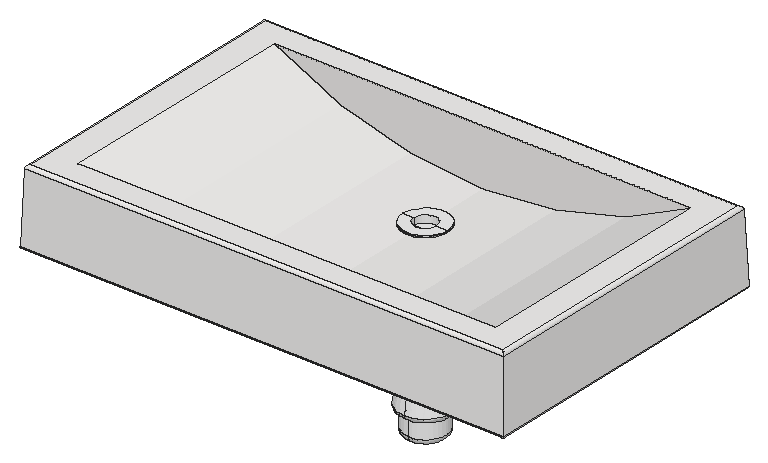
Revit family "ok-Incepa_Ocean_Cuba de Apoio Gran Pacific_63274", category Plumbing Fixtures, Revit 2014
Parameters (values of type "01 - Branco")
  WFU = 2
  Type Comments = ""
  Raio Ponto de Esgoto = 20 mm
  Place on face [instance] = no
  Outros Complementos [instance] = "Sifão para lavatório 1\"x1.1⁄2\" com tubo de 300 mm (B5816C5CRB) + Válvula de escoamento para lavatório, 1\" sem ladrão com tampa plástica (B5828C5CR3), linha Complementos - Metais Celite"
  Louças [instance] = Incepa - Louça_Branca
  Incepa: Versão = "Autodesk Revit MEP 2014"  # constant formula
  Incepa: Vazão de Esgoto [instance] = 0.0 L/s
  Incepa: Tipo = "Cubas"  # constant formula
  Incepa: Produto = "Louças"  # constant formula
  Incepa: Norma = "ABNT NBR 15097-1: 2011 - Requisitos e métodos de ensaio"
  Incepa: Link do Produto = "http://www.banheirosincepa.com.br/pt/produtos/435/"
  Incepa: Linha = "Ocean"  # constant formula
  Incepa: Informações Técnicas [instance] = "N/A"
  Incepa: Informações Gerais [instance] = "N/A"
  Incepa: Fabricante = "Incepa"  # constant formula
  Incepa: Desenho Técnico = "N/A"
  Incepa: Descrição = "Cuba de apoio Gran Pacific cor branca (63274), 650 x 410 mm, linha Ocean - Louças Incepa"
  Incepa: Código = "63274"
  Incepa: Cores Disponíveis = "Branco"
  Incepa: Copyright © = "© 2015 Incepa"  # constant formula
  Incepa: Complementos [instance] = if(Complemento, Outros Complementos, "N/A")  # "Sifão para lavatório 1\"x1.1⁄2\" com tubo de 300 mm (B5816C5CRB) + Válvula de escoamento para lavatório, 1\" sem ladrão com tampa plástica (B5828C5CR3), linha Complementos - Metais Celite"
  Incepa: Categoria = "Cubas e Lavatórios"  # constant formula
  Incepa: Altura da torneira [instance] = Elevação somente no plano  # 662 mm
  Incepa: Altura da Peça [instance] = Elevação somente no plano  # 662 mm
  Incepa: Altura Ponto de Esgoto [instance] = Altura Ponto de Esgoto  # 500 mm
  Desnível Aux. Ponto de Esgoto [instance] = 100 mm
  HWFU = 0
  Diâmetro Ponto de Esgoto = Raio Ponto de Esgoto * 2  # 40 mm
  Distância Parede/Face [instance] = 0 mm
  Tipo de Sifão [instance] = Celite_Complementos_Sifão de Uso Geral : Sifão para lavatório - B5816C5CRB
  Complemento [instance] = yes
  URL = "http://www.banheirosincepa.com.br/pt"
  Selo de Qualidade ofcdesk = "Standard"  # constant formula
  Model = Incepa: Código  # "63274"
  Metais [instance] = Celite - Cromado
  Manufacturer = Incepa: Fabricante  # "Incepa"
  Elevação somente no plano [instance] = 662 mm
  Description = Incepa: Descrição  # "Cuba de apoio Gran Pacific cor branca (63274), 650 x 410 mm, linha Ocean - Louças Incepa"
  Default Elevation = 0 mm
  Desenvolvido por = "ofcdesk"  # constant formula
  Com Válvula (quantificável) [instance] = yes
  Com Sifão (quantificável) [instance] = yes
  CWFU = 0
  Assembly Code = "D2010400"
  Desnível Ponto de Esgoto [instance] = if(not(Place on face), Elevação somente no plano - Altura Ponto de Esgoto, Desnível Aux. Ponto de Esgoto)  # 162 mm
  Altura Ponto de Esgoto [instance] = 500 mm
Reference planes
  plane 1 "Center (Front/Back)": y = 0
  plane 2: z = 0
  plane 3 "Center (Left/Right)": x = 0
  plane 4: z = 662
  plane 5: z = 500
  plane 6: y = -65
  plane 7: y = 0
  plane 8: z = 624.793
  plane 9: y = -136.034
  plane 10: z = 616.5
  plane 11: z = 687
Dimensions and locks
  "Elevação somente no plano": plane 4 to plane 2
  "Desnível Ponto de Esgoto": plane 4 to plane 5
  plane 11 to plane 4 to plane 8 = 25 mm locked, 37.207 mm locked
  plane 7 to plane 6 to plane 9 = 65 mm locked, 71.034 mm locked
  "Distância Parede/Face": plane 1 "Center (Front/Back)" to plane 7
  locked: plane 8 to plane 10 at 8.293
  aligned and locked: level to plane 2
  aligned and locked: plane 1 "Center (Front/Back)" to nested 3
  aligned and locked: plane 5 to nested 3
  aligned and locked: plane 8 to nested 3
  aligned and locked: plane 9 to nested 3
  aligned and locked: nested 2 to plane 9
  aligned and locked: plane 3 "Center (Left/Right)" to nested 2
  aligned and locked: nested 1 to plane 7
Nested families
  nested 1: "63274" at (0, 0, 662), Louças <- "Louças", type "63274"
  nested 2: "Celite_Complementos_Válvula de Escoamento" at (0, -136.034, 687), Metais <- "Metais", visible <- "Com Válvula (quantificável)", type "Válvula de escoamento para lavatório - B5828C5CR3"
    with Raio2 30 mm, Raio1 16 mm, Raio furo 15 mm, Metais Celite - Cromado, L/Rosca 54.856 mm, Comprimento 70.5 mm, Celite: Norma "ABNT NBR 15423:2006 - Requisitos e métodos de ensaio"
  nested 3: "Celite_Complementos_Sifão de Uso Geral" at (0, 0, 500), visible <- "Com Sifão (quantificável)", Metais <- "Metais", Celite: Vazão de Projeto <- "Incepa: Vazão de Esgoto", type "Sifão para lavatório - B5816C5CRB"
    with Raio1 16 mm, Metais Celite - Cromado, Elevação 0 mm, Celite: Vazão de Projeto 0.0 L/s, Celite: Informações Técnicas "N/A", Celite: Informações Gerais "N/A", Celite: Altura da Peça 0 mm, Ajuste Vetical no Lavatório 124.793 mm, Afastamento da Parede 136.034 mm
Connectors
  piping at (0, -14.131, 500), diameter 40, driven by "Raio Ponto de Esgoto", driven by "Incepa: Vazão de Esgoto", driven by "WFU"
    settings: on nested 3, index 1, connector inside diameter 609.6 mm, connector length 0 mm, flow factor 0, pipe flow 0.0 L/s, pressure drop 0.0 kPa, fitting loss kfactor 0, connector angle 0.00°, fixture units 2, engagement length 0 mm, angle of deflection 0.00°, flow configuration 3, flow direction 2, fitting loss method 0, system type 16, joint type 0, gender type 0, connector reference index -1, connector utility 0, adjustable connector no, is connector primary yes, connector description ""
Definition of nested family "63274"
  Parameters (values of type "63274")
    WFU = 0
    Type Comments = ""
    Profundidade = 410 mm
    Largura = 650 mm
    HWFU = 0
    URL = "http://www.incepa.com.br"
    Selo de Qualidade ofcdesk = "Standard"  # constant formula
    Model = ""
    Manufacturer = "Incepa"
    Louças [instance] = Incepa - Louça_Branca
    Description = ""
    Default Elevation = 0 mm
    Desenvolvido por = "ofcdesk"  # constant formula
    CWFU = 0
    Assembly Code = ""
  Reference planes
    plane 1 "Back": y = 0
    plane 2: z = 0
    plane 3 "Center (Left/Right)": x = 0
    plane 4 "Top": z = 100
    plane 5: y = -410
    plane 6: x = -325
    plane 7: x = 325
    plane 8: y = -136.034
  Forms (mm)
    Sweep 1, solid, material "Incepa - Louça_Branca" <- "Louças"
      path origin (0, 0, 0) x (1, 0, 0) y (0, 1, 0)
        loop
          line (-325, 0) -> (-325, -410) -> (325, -410) -> (325, 0) -> (-325, 0)
      profile origin (-325, -205, 0) x (1, 0, 0) y (0, 0, 1)
        loop
          line (1.966, 0) -> (30, 0) -> (30, 100) -> (8.248, 100)
          arc (8.248, 100) -> (4.774, 98.595) -> (3.251, 95.171) r 5
          line (3.251, 95.171) -> (0.067, 1.965)
          arc (0.067, 1.965) -> (0.6, 0.58) -> (1.966, 0) r 1.9
    Extrusion 2, solid, material "Incepa - Louça_Branca" <- "Louças"
      sketch origin (0, 0, 0) x (1, 0, 0) y (0, 1, 0)
        loop
          line (-295, -380) -> (295, -380) -> (295, -30) -> (-295, -30) -> (-295, -380)
      from 0 to 100
    Extrusion 3, void
      sketch origin (0, 0, 0) x (1, 0, 0) y (0, 0, 1)
        loop
          arc (-325, 129.681) -> (-0.191, 23.874) -> (325, 128.503) r 554.542
          line (325, 128.503) -> (325, 170) -> (-325, 170) -> (-325, 129.681)
      from 40.016 to 369.845
    Revolve 4, void
      sketch origin (0, 0, 0) x (0, 1, 0) y (0, 0, 1)
        loop
          line (-157.211, 14.057) -> (-157.211, -3.756) -> (-136.034, -3.756) -> (-136.034, 38.203) -> (-181.358, 38.203) -> (-157.211, 14.057)
        axis (-136.034, -3.756) -> (-136.034, 38.203)
      angle from 0 to 360
  Cuts and joins
    Extrusion 3, Revolve 4 cuts Sweep 1
    Extrusion 3, Revolve 4 cuts Extrusion 2
    joined: Sweep 1, Extrusion 2
  Dimensions and locks
    plane 4 "Top" to plane 2 = 100 mm  (x2)
    "Largura": plane 6 to plane 7
    "Profundidade": plane 5 to plane 1 "Back"
    equal spacing: plane 6, plane 3 "Center (Left/Right)", plane 7
    plane 1 "Back" to Revolve 4 sketch curve to Revolve 4 sketch curve to Revolve 4 sketch curve = 136.034 mm locked, 21.178 mm locked, 24.146 mm locked
    Extrusion 3 sketch curve to Extrusion 3 sketch curve to Extrusion 3 sketch curve to Extrusion 3 sketch curve to plane 2 = 40.319 mm locked, 1.178 mm locked, 104.63 mm locked, 23.873 mm locked
    aligned and locked: plane 2 to level
    aligned and locked: Sweep 1 sketch curve to plane 6
    aligned and locked: Sweep 1 sketch curve to plane 7
    aligned and locked: Sweep 1 sketch curve to plane 1 "Back"
    aligned and locked: Sweep 1 sketch curve to plane 5
    aligned and locked: Extrusion 2 sketch curve to Sweep 1  (x4)
    aligned and locked: plane 4 "Top" to Extrusion 2
    aligned and locked: plane 6 to Extrusion 3 sketch curve
    aligned and locked: Extrusion 3 sketch curve to plane 7
  Automatic sketch dimensions
    Sweep 1 sketch curve to level = 0 mm
    Sweep 1 sketch curve to profile plane = 0.067 mm
    Sweep 1 sketch curve to Sweep 1 sketch curve = 1.899 mm
    Sweep 1 sketch curve to profile plane = 3.251 mm
    Sweep 1 sketch curve to Sweep 1 sketch curve = 4.997 mm
    level to Sweep 1 sketch curve = 1.9 mm
    Sweep 1 sketch curve to Sweep 1 sketch curve = 93.1 mm
    Sweep 1 sketch curve to Sweep 1 sketch curve = 0.171 mm
    Sweep 1 sketch curve to Sweep 1 sketch curve = 28.034 mm
    level to Revolve 4 sketch curve = 38.203 mm
    level to Revolve 4 sketch curve = 14.057 mm
    Revolve 4 sketch curve to level = 3.756 mm
    Revolve 4 sketch curve to Revolve 4 sketch curve = 0 mm  (x2)
    Revolve 4 sketch curve to Revolve 4 sketch curve = 18.011 mm
Definition of nested family "Celite_Complementos_Válvula de Escoamento"
  Parameters (values of type "Válvula de escoamento para lavatório - B5828C5CR3")
    Waste Connection = 1 = 0  # no
    WFU = 0  # constant formula
    Vent Connection = 1 = 0  # no
    URL = "http://www.celite.com.br"
    Selo de Qualidade ofcdesk = "Standard"  # constant formula
    Raio1 [instance] = 16 mm
    Raio2 [instance] = 30 mm
    Raio furo [instance] = 15 mm
    Model = Celite: Código  # "B5828C5CR3"
    Metais [instance] = Celite - Cromado
    Manufacturer = Celite: Fabricante  # "Celite"
    L/Rosca [instance] = 59.5 mm
    HWFU = 0  # constant formula
    HW Connection = 1 = 0  # no
    Desenvolvido por = "ofcdesk"  # constant formula
    Description = Celite: Descrição  # "Válvula de escoamento para lavatório, 1\" sem ladrão com tampa plástica (B5828C5CR3), Complementos - Metais Celite"
    Default Elevation = 0 mm
    Comprimento [instance] = 70.5 mm
    Celite: Versão = "Autodesk Revit MEP 2014"  # constant formula
    Celite: Tipo = "Válvulas de escoamento"  # constant formula
    Celite: Produto = "Metais"  # constant formula
    Celite: Norma [instance] = "ABNT NBR 15423:2006 - Requisitos e métodos de ensaio"
    Celite: Link do Produto = "http://www.celite.com.br/pt/produtos/categoria/2/tipo/10/subtipo/19/"
    Celite: Linha = "Válvulas"  # constant formula
    Celite: Informações Técnicas = "N/A"
    Celite: Informações Gerais = "N/A"
    Celite: Fabricante = "Celite"  # constant formula
    Celite: Desenho Técnico = "http://www.celite.com.br/media/uploads/desenhos_tecnicos/A5828C5CR3_Valvula_de_escoamento_Lavatorio.pdf"
    Celite: Descrição = "Válvula de escoamento para lavatório, 1\" sem ladrão com tampa plástica (B5828C5CR3), Complementos - Metais Celite"
    Celite: Código = "B5828C5CR3"
    Celite: Cores Disponíveis = "Cromado"
    Celite: Copyright © = "© 2014 Celite"  # constant formula
    Celite: Categoria = "Complementos"  # constant formula
    CW Connection = 1 = 0  # no
    Assembly Code = "D2010"
  Types (5, lengths in mm): name | Raio1 | Raio2 | Raio furo | Model | L/Rosca | Description | Comprimento | Celite: Desenho Técnico | Celite: Descrição | Celite: Código
    (no name) | 16 | 30 | 15 | "B5828C5CR3" | 59.5 | "Válvula de escoamento para lavatório, 1\" sem ladrão com tampa plástica (B5828C5CR3), Complementos - Metais Celite" | 70.5 | "http://www.celite.com.br/media/uploads/desenhos_tecnicos/A5828C5CR3_Valvula_de_escoamento_Lavatorio.pdf" | "Válvula de escoamento para lavatório, 1\" sem ladrão com tampa plástica (B5828C5CR3), Complementos - Metais Celite" | "B5828C5CR3"
    Válvula de escoamento para lavatório - B5828C5CR3 | 16 | 30 | 15 | "B5828C5CR3" | 59.5 | "Válvula de escoamento para lavatório, 1\" sem ladrão com tampa plástica (B5828C5CR3), Complementos - Metais Celite" | 70.5 | "http://www.celite.com.br/media/uploads/desenhos_tecnicos/A5828C5CR3_Valvula_de_escoamento_Lavatorio.pdf" | "Válvula de escoamento para lavatório, 1\" sem ladrão com tampa plástica (B5828C5CR3), Complementos - Metais Celite" | "B5828C5CR3"
    Válvula de escoamento para tanque - B5829C5CR3 | 20 | 32.8 | 18 | "B5829C5CR3" | 57 | "Válvula de escoamento para tanque (B5829C5CR3), Complementos - Metais Celite" | 65.5 | "http://www.celite.com.br/media/uploads/desenhos_tecnicos/A5829C5CR3_Valvula_de_escoamento_Tanque.pdf" | "Válvula de escoamento para tanque (B5829C5CR3), Complementos - Metais Celite" | "B5829C5CR3"
    Válvula de escoamento para cozinha - B5830C5CRB | 25 | 44 | 25 | "B5830C5CRB" | 35 | "Válvula de escoamento para cozinha, 3.1/2\" x 1.1/2\" com cesta metal (B5830C5CRB), Complementos - Metais Celite" | 45 | "http://www.celite.com.br/media/uploads/desenhos_tecnicos/A5830C5CRB_Valvula_de_escoamento_Cozinha_3-1.2.pdf" | "Válvula de escoamento para cozinha, 3.1/2\" x 1.1/2\" com cesta metal (B5830C5CRB), Complementos - Metais Celite" | "B5830C5CRB"
    Válvula de escoamento para cozinha - B5831C5CRB | 25 | 56.5 | 30 | "B5831C5CRB" | 35 | "Válvula de escoamento para cozinha, 4.1/2\" x 1.1/2\" com cesta metal (B5831C5CRB), Complementos - Metais Celite" | 49 | "http://www.celite.com.br/media/uploads/desenhos_tecnicos/A5831C5CRB_Valvula_de_escoamento_Cozinha_4-1.2.pdf" | "Válvula de escoamento para cozinha, 4.1/2\" x 1.1/2\" com cesta metal (B5831C5CRB), Complementos - Metais Celite" | "B5831C5CRB"
  Reference planes
    plane 1 "Center (Front/Back)": y = 0
    plane 2: z = 0
    plane 3 "Center (Left/Right)": x = 0
    plane 4: z = -70.5
    plane 5: z = -11
  Forms (mm)
    Extrusion 1, solid
      sketch origin (0, 0, 0) x (1, 0, 0) y (0, 1, 0)
        loop
          line (-400, 400) -> (-400, -400.224) -> (399.59, -400.224) -> (399.59, 400) -> (-400, 400)
      from 0 to -304.8
    Revolve 2, solid, material "Celite - Cromado" <- "Metais"
      sketch origin (0, 0, 0) x (1, 0, 0) y (0, 0, 1)
        loop
          line (0, -8.185) -> (-15, -8.185) -> (-15, 1) -> (-30, 1) -> (-30, 0) -> (-16, -11) -> (-16, -70.5) -> (0, -70.5) -> (0, -8.185)
        axis (0, 1) -> (0, -70.5)
      angle from 0 to 360
  Dimensions and locks
    "Comprimento": level to plane 4
    "L/Rosca": plane 5 to plane 4
    "Raio1": plane 3 "Center (Left/Right)" to Revolve 2 sketch curve
    "Raio2": plane 3 "Center (Left/Right)" to Revolve 2 sketch curve
    locked: plane 2 to Revolve 2 sketch curve at 8.185
    "Raio furo": plane 3 "Center (Left/Right)" to Revolve 2 sketch curve
    aligned and locked: plane 2 to Extrusion 1
    aligned and locked: level to Extrusion 1
    aligned and locked: Revolve 2 sketch curve to plane 3 "Center (Left/Right)"  (x2)
    aligned and locked: plane 5 to Revolve 2 sketch curve
    aligned and locked: plane 4 to Revolve 2 sketch curve
    aligned and locked: level to Revolve 2 sketch curve
  Automatic sketch dimensions
    Extrusion 1 sketch curve to Extrusion 1 sketch curve = 799.59 mm
    Extrusion 1 sketch curve to Extrusion 1 sketch curve = 800.224 mm
    Revolve 2 sketch curve to Revolve 2 sketch curve = 1 mm
    level to Revolve 2 sketch curve = 25 mm
    Revolve 2 sketch curve to Revolve 2 sketch curve = 60 mm
Definition of nested family "Celite_Complementos_Sifão de Uso Geral"
  Parameters (values of type "Sifão para cozinha - B5817C5CRB")
    WFU = 2
    URL = "http://www.celite.com.br"
    Selo de Qualidade ofcdesk = "Standard"  # constant formula
    Raio1 [instance] = 16 mm
    Raio Ponto de Esgoto = 20 mm
    Model = Celite: Código  # "B5817C5CRB"
    Metais [instance] = Celite - Cromado
    Manufacturer = Celite: Fabricante  # "Celite"
    Elevação [instance] = 680 mm
    Diâmetro Ponto de Esgoto = Raio Ponto de Esgoto * 2  # 40 mm
    Desenvolvido por = "ofcdesk"  # constant formula
    Description = Celite: Descrição  # "Sifão para cozinha 1.1⁄2”x 1.1⁄2” com tubo de 300 mm (B5817C5CRB), linha Complementos - Metais Celite"
    Default Elevation = 0 mm
    Celite: Versão = "Autodesk Revit MEP 2014"  # constant formula
    Celite: Vazão de Projeto [instance] = 0.0 L/s
    Celite: Tipo = "Sifões"  # constant formula
    Celite: Produto = "Metais"  # constant formula
    Celite: Norma = "ABNT NBR 14162:2011 - Requisitos e métodos de ensaio"
    Celite: Link do Produto = "http://www.celite.com.br/pt/produtos/categoria/2/tipo/10/subtipo/9/"
    Celite: Linha = "Complementos"  # constant formula
    Celite: Informações Técnicas [instance] = "N/A"
    Celite: Informações Gerais [instance] = "N/A"
    Celite: Fabricante = "Celite"  # constant formula
    Celite: Desenho Técnico = "http://www.celite.com.br/media/uploads/desenhos_tecnicos/A5817C5CRB.gif"
    Celite: Descrição = "Sifão para cozinha 1.1⁄2”x 1.1⁄2” com tubo de 300 mm (B5817C5CRB), linha Complementos - Metais Celite"
    Celite: Código = "B5817C5CRB"
    Celite: Cores Disponíveis = "Cromado"
    Celite: Copyright © = "© 2014 Celite"  # constant formula
    Celite: Categoria = "Cozinhas e Lavatórios"  # constant formula
    Celite: Altura da Peça [instance] = Elevação  # 680 mm
    Assembly Code = "D2010"
    Ajuste Vetical no Lavatório [instance] = 100 mm
    Afastamento da Parede [instance] = 300 mm
  Types (6, lengths in mm): name | Raio Ponto de Esgoto | Model | Diâmetro Ponto de Esgoto | Description | Celite: Desenho Técnico | Celite: Descrição | Celite: Código
    (no name) | 20 | "B5817C5CRB" | 40 | "Sifão para cozinha 1.1⁄2”x 1.1⁄2” com tubo de 300 mm (B5817C5CRB), linha Complementos - Metais Celite" | "http://www.celite.com.br/media/uploads/desenhos_tecnicos/A5817C5CRB.gif" | "Sifão para cozinha 1.1⁄2”x 1.1⁄2” com tubo de 300 mm (B5817C5CRB), linha Complementos - Metais Celite" | "B5817C5CRB"
    Sifão para lavatório - B5816C5CRB | 20 | "B5816C5CRB" | 40 | "Sifão para lavatório 1\"x1.1⁄2\" com tubo de 300 mm (B5816C5CRB), linha Complementos - Metais Celite" | "http://www.celite.com.br/media/uploads/desenhos_tecnicos/A5816C5CRB.gif" | "Sifão para lavatório 1\"x1.1⁄2\" com tubo de 300 mm (B5816C5CRB), linha Complementos - Metais Celite" | "B5816C5CRB"
    Sifão para tanque com adaptador para 2" - B5005C5CRB | 30 | "B5005C5CRB" | 60 | "Sifão para tanque 1.1⁄4”x 1.1⁄2” com adaptador para 2” e tubo de 200 mm (B5005C5CRB), linha Complementos - Metais Celite" | "http://www.celite.com.br/media/uploads/desenhos_tecnicos/A5005C5CRB.gif" | "Sifão para tanque 1.1⁄4”x 1.1⁄2” com adaptador para 2” e tubo de 200 mm (B5005C5CRB), linha Complementos - Metais Celite" | "B5005C5CRB"
    Sifão para tanque - B5005C5CRB | 20 | "B5005C5CRB" | 40 | "Sifão para tanque 1.1⁄4”x 1.1⁄2” e tubo de 200 mm (B5005C5CRB), linha Complementos - Metais Celite" | "http://www.celite.com.br/media/uploads/desenhos_tecnicos/A5005C5CRB.gif" | "Sifão para tanque 1.1⁄4”x 1.1⁄2” e tubo de 200 mm (B5005C5CRB), linha Complementos - Metais Celite" | "B5005C5CRB"
    Sifão para cozinha com adaptador para 2" - B5817C5CRB | 30 | "B5817C5CRB" | 60 | "Sifão para cozinha 1.1⁄2”x 1.1⁄2” com adaptador para 2” e tubo de 300 mm (B5817C5CRB), linha Complementos - Metais Celite" | "http://www.celite.com.br/media/uploads/desenhos_tecnicos/A5817C5CRB.gif" | "Sifão para cozinha 1.1⁄2”x 1.1⁄2” com adaptador para 2” e tubo de 300 mm (B5817C5CRB), linha Complementos - Metais Celite" | "B5817C5CRB"
    Sifão para cozinha - B5817C5CRB | 20 | "B5817C5CRB" | 40 | "Sifão para cozinha 1.1⁄2”x 1.1⁄2” com tubo de 300 mm (B5817C5CRB), linha Complementos - Metais Celite" | "http://www.celite.com.br/media/uploads/desenhos_tecnicos/A5817C5CRB.gif" | "Sifão para cozinha 1.1⁄2”x 1.1⁄2” com tubo de 300 mm (B5817C5CRB), linha Complementos - Metais Celite" | "B5817C5CRB"
  Reference planes
    plane 1 "Center (Front/Back)": y = 0
    plane 2: z = 0
    plane 3 "Center (Left/Right)": x = 0
    plane 4: y = -300
    plane 5: z = 780
    plane 6: z = 680
  Forms (mm)
    Sweep 1, solid, material "Celite - Cromado" <- "Metais"
      path origin (0, 1442.421, 680) x (0, 1, 0) y (-1, 0, 0)
        loop
          line (-1442.421, 0) -> (-1697.421, 0)
      profile origin (0, -127.5, 680) x (1, 0, 0) y (0, 0, 1)
        loop
          circle (0, 0) r 19.05
        loop
          circle (0, 0) r 16
    Revolve 2, solid, material "Celite - Cromado" <- "Metais"
      sketch origin (0, 0, 0) x (0, 1, 0) y (0, 0, 1)
        loop
          line (-255, 680) -> (-255, 701.589)
          arc (-255, 701.589) -> (-256.067, 704.702) -> (-258.821, 706.505) r 5.073
          arc (-258.821, 706.505) -> (-261.574, 706.108) -> (-263.24, 703.88) r 3.635
          line (-263.24, 703.88) -> (-265.857, 703.88) -> (-265.857, 680) -> (-255, 680)
        axis (-265.857, 680) -> (-255, 680)
      angle from 0 to 360
    SweptBlend 3, solid, material "Celite - Cromado" <- "Metais"
      path origin (0, 0, 0) x (0, 1, 0) y (0, 0, 1)
        loop
          line (-265.857, 680) -> (-300, 680)
      profile origin (0, -265.857, 680) x (0, 0, -1) y (1, 0, 0)
        loop
          circle (0, 0) r 22.486
      end profile origin (0, -300, 680) x (0, 0, -1) y (1, 0, 0)
        loop
          circle (0, 0) r 21.589
    Revolve 4, solid, material "Celite - Cromado" <- "Metais"
      sketch origin (0, 0, 0) x (0, 1, 0) y (0, 0, 1)
        loop
          line (-300, 704.157) -> (-274.606, 704.157) -> (-274.606, 707.127)
          arc (-274.606, 707.127) -> (-274.901, 707.84) -> (-275.614, 708.135) r 1.008
          line (-275.614, 708.135) -> (-282.5, 708.135) -> (-283.521, 709.156) -> (-300, 709.156) -> (-300, 704.157)
        axis (-300, 709.156) -> (-300, 704.157)
      angle from 0 to 360
    Sweep 5, solid, material "Celite - Cromado" <- "Metais"
      path origin (0, 0, 0) x (0, 1, 0) y (0, 0, 1)
        loop
          line (-300, 709.156) -> (-300, 715.122)
      profile origin (0, -300, 712.139) x (0, -1, 0) y (1, 0, 0)
        loop
          circle (0, 0) r 16.479
    Sweep 6, solid, material "Celite - Cromado" <- "Metais"
      path origin (0, 0, 0) x (0, 1, 0) y (0, 0, 1)
        loop
          line (-300, 715.122) -> (-300, 769.613)
      profile origin (0, -300, 742.368) x (0, -1, 0) y (1, 0, 0)
        loop
          circle (0, 0) r 13
    Revolve 7, solid, material "Celite - Cromado" <- "Metais"
      sketch origin (0, 0, 0) x (0, 1, 0) y (0, 0, 1)
        loop
          line (0, 699.07) -> (0, 714.571)
          arc (0, 714.571) -> (-7.459, 714.035) -> (-14.888, 713.172) r 170.27
          arc (-14.888, 713.172) -> (-16.254, 712.452) -> (-16.959, 711.077) r 2.565
          line (-16.959, 711.077) -> (-16.959, 699.07) -> (0, 699.07)
        axis (-16.959, 680) -> (0, 680)
      angle from 0 to 360
    Sweep 8, void
      path origin (0, 1442.421, 680) x (0, 1, 0) y (-1, 0, 0)
        loop
          line (-1440.976, 0) -> (-1456.552, 0)
      profile origin (0, -6.343, 680) x (1, 0, 0) y (0, 0, 1)
        loop
          circle (0, 0) r 30
    Revolve 9, solid, material "Celite - Cromado" <- "Metais"
      sketch origin (0, 0, 0) x (0, 1, 0) y (0, 0, 1)
        loop
          line (-300, 771.707) -> (-300, 769.613) -> (-281.111, 769.613) -> (-281.111, 780) -> (-284, 780) -> (-284, 771.707) -> (-300, 771.707)
        axis (-300, 780) -> (-300, 769.613)
      angle from 0 to 360
    Revolve 10, solid, material "Celite - Cromado" <- "Metais"
      sketch origin (0, 0, 0) x (0, 1, 0) y (0, 0, 1)
        loop
          line (-300, 704.157) -> (-325.394, 704.157) -> (-334.85, 649.952)
          arc (-334.85, 649.952) -> (-333.712, 646.324) -> (-330.244, 644.765) r 4.638
          line (-330.244, 644.765) -> (-328.223, 644.765) -> (-328.223, 621.563)
          arc (-328.223, 621.563) -> (-326.054, 616.326) -> (-320.818, 614.157) r 7.405
          line (-320.818, 614.157) -> (-300, 614.157) -> (-300, 704.157)
        axis (-300, 704.157) -> (-300, 614.157)
      angle from 0 to 360
  Cuts and joins
    Sweep 8 cuts Sweep 1
    joined: Sweep 1, Revolve 2, SweptBlend 3, Revolve 4, Sweep 5, Sweep 6, Revolve 9, Revolve 10
    Sweep 8 cuts Revolve 7
  Dimensions and locks
    "Ajuste Vetical no Lavatório": plane 5 to plane 6
    "Elevação": plane 6 to level
    locked: Sweep 1 sketch curve to plane 4 at 45
    Sweep 8 sketch curve to Sweep 8 sketch curve = 15.576 mm
    Revolve 7 sketch curve to Revolve 7 sketch curve to Revolve 7 sketch curve = 14.888 mm locked, 2.071 mm locked
    locked: Revolve 9 sketch curve to Revolve 9 sketch curve at 2.889
    "Raio1": Revolve 9 sketch curve to plane 4
    plane 5 to Revolve 9 sketch curve to Revolve 9 sketch curve = 8.293 mm locked, 2.093 mm locked
    Revolve 7 sketch curve to Revolve 7 sketch curve to Revolve 7 sketch curve to Revolve 7 sketch curve to plane 6 = 1.399 mm locked, 2.095 mm locked, 12.007 mm locked, 19.07 mm locked
    "Afastamento da Parede": plane 1 "Center (Front/Back)" to plane 4
    radius of Sweep 1 sketch curve = 16 mm
    radius of Revolve 7 sketch curve = 2.565 mm
    aligned and locked: level to plane 2
    aligned and locked: plane 6 to Revolve 2 sketch curve
    aligned and locked: Revolve 2 sketch curve to plane 6
    aligned and locked: SweptBlend 3 sketch curve to plane 6
    aligned and locked: Revolve 4 sketch curve to plane 4
    aligned and locked: Sweep 5 sketch curve to plane 4
    aligned and locked: Revolve 4 to Sweep 5 sketch curve
    aligned and locked: Sweep 5 sketch curve to Revolve 4  (x2)
    aligned and locked: Sweep 5 to Sweep 6 sketch curve
    aligned and locked: Sweep 6 sketch curve to plane 4
    aligned and locked: Revolve 9 sketch curve to plane 4
    aligned and locked: plane 4 to Revolve 9 sketch curve
    aligned and locked: plane 4 to Revolve 10 sketch curve
    aligned and locked: Revolve 10 sketch curve to plane 4
    aligned and locked: plane 4 to SweptBlend 3 sketch curve
    aligned and locked: cut or joined group of Sweep 1, Revolve 2, SweptBlend 3, Revolve 4, Sweep 5, Sweep 6, Sweep 8, Revolve 9, Revolve 10 to SweptBlend 3 sketch curve
    aligned and locked: plane 6 to Sweep 8 sketch curve
    aligned and locked: plane 3 "Center (Left/Right)" to Sweep 8 sketch curve
  Automatic sketch dimensions
    Sweep 1 sketch curve to plane 3 "Center (Left/Right)" = 0 mm
    Revolve 4 sketch curve to plane 4 = 0 mm
    plane 4 to Revolve 4 sketch curve = 16.479 mm
    Revolve 4 sketch curve to Revolve 4 sketch curve = 1.021 mm  (x2)
    Revolve 4 sketch curve to Revolve 4 sketch curve = 6.886 mm
    Revolve 4 sketch curve to Revolve 4 sketch curve = 1.008 mm
    plane 6 to Revolve 4 sketch curve = 22.296 mm
    Revolve 4 sketch curve to Revolve 4 sketch curve = 1.862 mm
    Revolve 4 sketch curve to Revolve 4 sketch curve = 0 mm
    Revolve 4 sketch curve to Revolve 4 sketch curve = 2.97 mm
    Sweep 6 sketch curve to plane 3 "Center (Left/Right)" = 0 mm
    Sweep 6 sketch curve to profile plane = 0 mm
    SweptBlend 3 sketch curve to plane 3 "Center (Left/Right)" = 0 mm  (x2)
    SweptBlend 3 sketch curve to profile plane = 0 mm  (x2)
    Sweep 1 sketch curve to Sweep 1 sketch curve = 0 mm  (x2)
    Sweep 1 sketch curve to plane 6 = 0 mm
    profile plane to Sweep 1 sketch curve = 0 mm
    Sweep 6 sketch curve to plane 5 = 10.387 mm
    Revolve 7 sketch curve to plane 1 "Center (Front/Back)" = 0 mm  (x2)
    Revolve 7 sketch curve to plane 6 = 0 mm
    Revolve 7 sketch curve to plane 1 "Center (Front/Back)" = 5 mm
    Sweep 5 sketch curve to Sweep 5 sketch curve = 5.967 mm
    Revolve 10 sketch curve to Revolve 10 sketch curve = 20.818 mm
    Revolve 10 sketch curve to Revolve 10 sketch curve = 25.394 mm
    Revolve 10 sketch curve to Revolve 10 sketch curve = 7.405 mm
    Revolve 10 sketch curve to Revolve 10 sketch curve = 2.021 mm
    Revolve 10 sketch curve to Revolve 10 sketch curve = 4.606 mm
    Revolve 10 sketch curve to plane 6 = 95.843 mm
    Revolve 10 sketch curve to Revolve 10 sketch curve = 20 mm
    Revolve 10 sketch curve to Revolve 10 sketch curve = 10 mm
    Revolve 10 sketch curve to Revolve 10 sketch curve = 23.202 mm
    Revolve 10 sketch curve to Revolve 10 sketch curve = 4.638 mm
    plane 6 to Revolve 10 sketch curve = 24.157 mm
    SweptBlend 3 sketch curve to SweptBlend 3 sketch curve = 0 mm  (x2)
    SweptBlend 3 sketch curve to SweptBlend 3 sketch curve = 22.486 mm
    plane 4 to Revolve 2 sketch curve = 34.143 mm
    Revolve 2 sketch curve to Revolve 2 sketch curve = 2.616 mm
    Revolve 2 sketch curve to Revolve 2 sketch curve = 3.167 mm
    Revolve 2 sketch curve to Revolve 2 sketch curve = 0.355 mm
    Revolve 2 sketch curve to Revolve 2 sketch curve = 0.897 mm
    Revolve 2 sketch curve to Revolve 2 sketch curve = 0 mm  (x2)
    Revolve 2 sketch curve to Revolve 2 sketch curve = 4.718 mm
    Revolve 2 sketch curve to Revolve 2 sketch curve = 5 mm
    plane 6 to Revolve 2 sketch curve = 21.589 mm
    Sweep 8 sketch curve to plane 3 "Center (Left/Right)" = 0 mm
    Revolve 7 sketch curve to plane 1 "Center (Front/Back)" = 8.47 mm
    plane 1 "Center (Front/Back)" to Sweep 1 sketch curve = 0 mm
    Revolve 9 sketch curve to plane 5 = 0 mm
    Revolve 9 sketch curve to plane 5 = 3.821 mm
    plane 5 to Revolve 9 sketch curve = 8.366 mm
    radius of Sweep 6 sketch curve = 13 mm
    radius of SweptBlend 3 sketch curve = 21.589 mm
    radius of Sweep 1 sketch curve = 19.05 mm
    radius of Sweep 8 sketch curve = 30 mm
  Connectors
    piping at (0, 0, 680), diameter 40, driven by "WFU", driven by "Raio Ponto de Esgoto", driven by "Celite: Vazão de Projeto"
      settings: on Sweep 1, index 1, connector inside diameter 40 mm, connector length 0 mm, flow factor 0, pipe flow 0.0 L/s, pressure drop 0.0 kPa, fitting loss kfactor 0, connector angle 0.00°, fixture units 2, engagement length 0 mm, angle of deflection 0.00°, flow configuration 3, flow direction 2, fitting loss method 0, system type 16, joint type 0, gender type 0, connector reference index -1, connector utility 0, adjustable connector no, is connector primary yes, connector description ""
